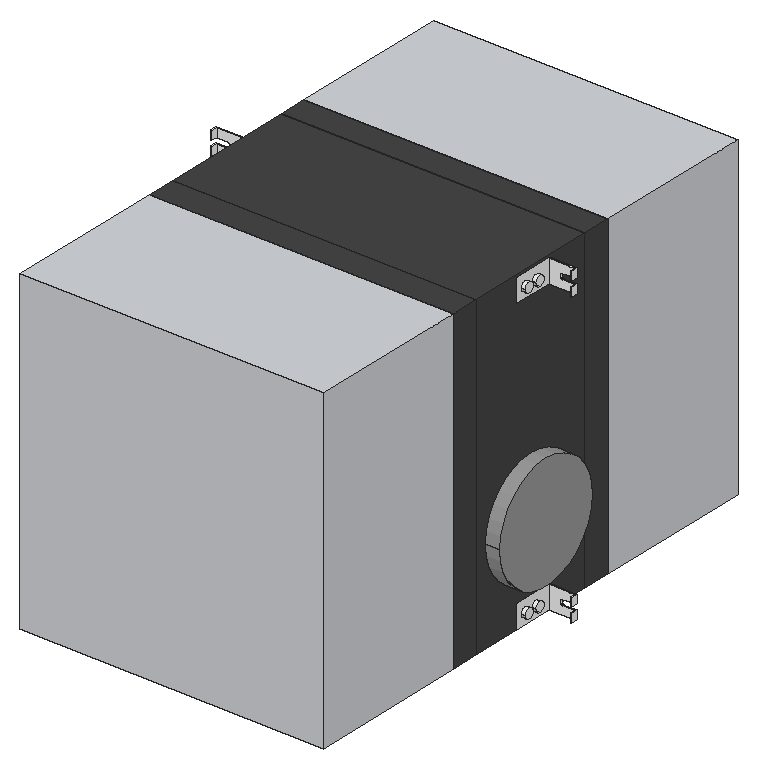
Revit family "Capsule Pool 600-1500 вытяжной", category Оборудование, Revit 2019
Family settings
  Размер круглого соединителя = Использовать диаметр
  Классификация = Нет
  Тип детали = Нормальный
  На основе рабочей плоскости = Нет
  Всегда вертикально = Да
  При загрузке вырезать с полостями = Нет
  Общий = Нет
  Точка расчета площади = Нет
Parameters (values of type "Capsule Pool 600")
  Толщина_кр = 50 mm  # constant formula
  СЗ = 283.184 mm
  Правый [instance] = yes
  Подмес [instance] = 0.0 m³/h
  Левый [instance] = yes
  Крепеж_Х = 3 mm  # constant formula
  Крепеж_У = 23 mm  # constant formula
  Выброс [instance] = 0.0 m³/h
  ВВ_прит_X = 230 mm
  ВВ_выт_Y = 165 mm
  ВВ_высота = 27 mm  # constant formula
  D_приток = 160 mm
  D_вытяж = 200 mm
  C1 высота = 556 mm
  B1 глубина = 337 mm
  ADSK_Расход воздуха = 0.0 m³/h
  ADSK_Наименование = "Система климатизации бассейнов Capsule Pool вытяжной модуль"  # constant formula
  ADSK_Масса = 0
  ADSK_Марка = "Capsule Pool 600 v"
  ADSK_Количество [instance] = 0
  ADSK_Код изделия = ""
  ADSK_Завод-изготовитель = "ООО «Турков»"  # constant formula
  ADSK_Единица измерения = "шт."  # constant formula
  A1 длина = 530 mm
Types (3, lengths in mm): name | СЗ | ВВ_прит_X | ВВ_выт_Y | D_приток | D_вытяж | C1 высота | B1 глубина | ADSK_Марка | ADSK_Количество | A1 длина
  Capsule Pool 600 | 283.184 | 230 | 165 | 160 | 200 | 556 | 337 | "Capsule Pool 600 v" | 0 | 530
  Capsule Pool 1000 | 300 | 264 | 225 | 200 | 250 | 556 | 387 | "Capsule Pool 1000" | 0 | 528
  Capsule Pool 1500 | 300 | 264 | 250 | 250 | 315 | 656 | 437 | "Capsule Pool 1500" | 1 | 528
Reference planes
  plane 1 "По центру (Вперед/Назад)": y = 0
  plane 2: z = 0
  plane 3 "По центру (Влево/Вправо)": x = 0
  plane 4: y = 168.5
  plane 5: x = 265
  plane 6: y = -168.5
  plane 7: x = -265
  plane 8: z = 556
  plane 9: z = -27
  plane 10: x = -292
  plane 11: x = 292
  plane 12: y = 118.5
  plane 13: y = -118.5
  plane 14: y = 451.684
  plane 15: y = -451.684
Forms (mm)
  Extrusion 1, solid, material "Сталь, окрашенная, темно-серая, матовая", detail levels medium+fine
    sketch origin (0, 0, 0) x (1, 0, 0) y (0, 1, 0)
      loop
        line (-265, 118.5) -> (-265, -118.5) -> (265, -118.5) -> (265, 118.5) -> (-265, 118.5)
    from 0 to 556
  Extrusion 2, solid, material "Сталь, Оцинкованная", detail levels medium+fine
    sketch origin (0, 0, 0) x (1, 0, 0) y (0, 1, 0)
      loop
        circle (35, 0) r 80
    from 0 to -27
  Extrusion 3, solid, material "Сталь, Оцинкованная", detail levels medium+fine
    sketch origin (-265, 1141.925, 1200) x (0, 1, 0) y (0, 0, 1)
      loop
        circle (-1141.925, -1035) r 100
    from 0 to -27
  Extrusion 4, solid, material "Сталь, Оцинкованная", detail levels medium+fine
    sketch origin (265, 842.378, 1200) x (0, 1, 0) y (0, 0, 1)
      loop
        circle (-842.378, -1035) r 100
    from 0 to 27
  Extrusion 5, solid, material "Сталь, окрашенная, темно-серая, матовая", detail levels medium+fine
    sketch origin (0, 0, 0) x (1, 0, 0) y (0, 1, 0)
      loop
        line (-265, 168.5) -> (-265, 118.5) -> (265, 118.5) -> (265, 168.5) -> (-265, 168.5)
      loop
        line (-265, -118.5) -> (-265, -168.5) -> (265, -168.5) -> (265, -118.5) -> (-265, -118.5)
    from 0 to 556
  Extrusion 6, solid, visible <- "Левый", detail levels medium+fine
    sketch origin (-870.289, 168.5, 1200) x (-1, 0, 0) y (0, 0, 1)
      loop
        line (-1135.289, -644) -> (-1135.289, -1200) -> (-605.289, -1200) -> (-605.289, -644) -> (-1135.289, -644)
    from 0 to 283.184
  Extrusion 7, solid, visible <- "Правый", detail levels medium+fine
    sketch origin (-870.289, -168.5, 1200) x (-1, 0, 0) y (0, 0, 1)
      loop
        line (-605.289, -644) -> (-1135.289, -644) -> (-1135.289, -1200) -> (-605.289, -1200) -> (-605.289, -644)
    from 0 to -283.184
Lines and regions (mm)
  model lines, style "УГО", detail levels coarse
    curve 1: circle (86.966, 0, 292.177) r 84 normal (0, -1, 0)
    curve 2: line (2.966, 0, 292.177) -> (-84.99, 0, 292.177)
    curve 3: line (170.966, 0, 292.177) -> (191.426, 0, 292.177)
    curve 4: line (191.426, 0, 292.177) -> (227.426, 0, 354.531)
    curve 5: line (191.426, 0, 292.177) -> (227.426, 0, 229.824)
    curve 6: line (227.426, 0, 354.531) -> (227.426, 0, 229.824)
    curve 7: line (-213.034, 0, 292.177) -> (-177.034, 0, 354.531)
    curve 8: line (-213.034, 0, 292.177) -> (-177.034, 0, 229.824)
    curve 9: line (-177.034, 0, 354.531) -> (-177.034, 0, 229.824)
    curve 10: line (2.966, 0, 292.177) -> (128.966, 0, 364.924)
    curve 11: line (128.966, 0, 364.924) -> (128.966, 0, 219.431)
    curve 12: line (2.966, 0, 292.177) -> (128.966, 0, 219.431)
    curve 13: circle (-114.99, 0, 292.177) r 30 normal (0, -1, 0)
    curve 14: line (-73.625, 0, 333.543) -> (-158.477, 0, 248.69)
    curve 15: line (-144.99, 0, 292.177) -> (-177.034, 0, 292.177)
    curve 16: line (-41.012, 0, 82.614) -> (21.342, 0, 118.614)
    curve 17: line (-41.012, 0, 82.614) -> (-103.366, 0, 118.614)
    curve 18: line (21.342, 0, 118.614) -> (-103.366, 0, 118.614)
    curve 19: line (-41.012, 0, 118.614) -> (-41.012, 0, 292.177)
    curve 39: line (-292, 0, 556) -> (292, 0, 556)
    curve 40: line (-292, 0, -27) -> (-292, 0, 556)
    curve 41: line (292, 0, -27) -> (-292, 0, -27)
    curve 42: line (292, 0, 556) -> (292, 0, -27)
  model lines, style "УГО", not visible, detail levels coarse
    curve 20: circle (123.801, 0, 292.177) r 84 normal (0, -1, 0)
    curve 21: line (39.801, 0, 292.177) -> (-48.155, 0, 292.177)
    curve 22: line (207.801, 0, 292.177) -> (228.261, 0, 292.177)
    curve 23: line (228.261, 0, 292.177) -> (264.261, 0, 354.531)
    curve 24: line (228.261, 0, 292.177) -> (264.261, 0, 229.824)
    curve 25: line (264.261, 0, 354.531) -> (264.261, 0, 229.824)
    curve 26: line (-176.199, 0, 292.177) -> (-140.199, 0, 354.531)
    curve 27: line (-176.199, 0, 292.177) -> (-140.199, 0, 229.824)
    curve 28: line (-140.199, 0, 354.531) -> (-140.199, 0, 229.824)
    curve 29: line (39.801, 0, 292.177) -> (165.801, 0, 364.924)
    curve 30: line (165.801, 0, 364.924) -> (165.801, 0, 219.431)
    curve 31: line (39.801, 0, 292.177) -> (165.801, 0, 219.431)
    curve 32: circle (-78.155, 0, 292.177) r 30 normal (0, -1, 0)
    curve 33: line (-36.789, 0, 333.543) -> (-121.642, 0, 248.69)
    curve 34: line (-108.155, 0, 292.177) -> (-140.199, 0, 292.177)
    curve 35: line (-4.177, 0, 82.614) -> (58.177, 0, 118.614)
    curve 36: line (-4.177, 0, 82.614) -> (-66.531, 0, 118.614)
    curve 37: line (58.177, 0, 118.614) -> (-66.531, 0, 118.614)
    curve 38: line (-4.177, 0, 118.614) -> (-4.177, 0, 292.177)
Dimensions and locks
  equal spacing: plane 7, plane 3 "По центру (Влево/Вправо)", plane 5
  "A1 длина": plane 7 to plane 5
  equal spacing: plane 4, plane 1 "По центру (Вперед/Назад)", plane 6
  "B1 глубина": plane 4 to plane 6
  "C1 высота": plane 8 to plane 2
  "ВВ_прит_X": Extrusion 2 sketch curve to plane 5
  "ВВ_высота": plane 2 to plane 9
  "ВВ_выт_Y": Extrusion 3 sketch curve to plane 2
  "ВВ_высота": plane 7 to plane 10
  "ВВ_выт_Y": Extrusion 4 sketch curve to plane 2
  "ВВ_высота": plane 11 to plane 5
  "Толщина_кр": plane 4 to plane 12
  "Толщина_кр": plane 13 to plane 6
  nested 1 to plane 1 "По центру (Вперед/Назад)" = 3 mm
  "Крепеж_Х": plane 1 "По центру (Вперед/Назад)" to nested 2
  "Крепеж_У": nested 2 to plane 2
  plane 8 to nested 1 = 23 mm
  "Крепеж_Х": plane 1 "По центру (Вперед/Назад)" to nested 4
  "Крепеж_У": nested 4 to plane 2
  "Крепеж_Х": plane 1 "По центру (Вперед/Назад)" to nested 3
  "Крепеж_У": plane 8 to nested 3
  "СЗ": plane 14 to plane 4
  "СЗ": plane 6 to plane 15
  "Крепеж_У": plane 8 to nested 1
  "Крепеж_Х": nested 1 to plane 1 "По центру (Вперед/Назад)"
  "D_приток": diameter of Extrusion 2 sketch curve
  "D_вытяж": diameter of Extrusion 3 sketch curve
  "D_вытяж": diameter of Extrusion 4 sketch curve
  aligned and locked: level to plane 2
  aligned and locked: plane 7 to Extrusion 1 sketch curve
  aligned and locked: Extrusion 1 sketch curve to plane 5
  aligned and locked: plane 8 to Extrusion 1
  aligned and locked: plane 1 "По центру (Вперед/Назад)" to Extrusion 2 sketch curve
  aligned and locked: Extrusion 2 to plane 9
  aligned and locked: plane 1 "По центру (Вперед/Назад)" to Extrusion 3 sketch curve
  aligned and locked: Extrusion 3 to plane 10
  aligned and locked: plane 1 "По центру (Вперед/Назад)" to Extrusion 4 sketch curve
  aligned and locked: plane 11 to Extrusion 4
  aligned and locked: Extrusion 1 sketch curve to plane 12
  aligned and locked: plane 13 to Extrusion 1 sketch curve
  aligned and locked: plane 7 to Extrusion 5 sketch curve  (x2)
  aligned and locked: plane 12 to Extrusion 5 sketch curve
  aligned and locked: Extrusion 5 sketch curve to plane 4
  aligned and locked: Extrusion 5 sketch curve to plane 5  (x2)
  aligned and locked: Extrusion 5 sketch curve to plane 13
  aligned and locked: plane 6 to Extrusion 5 sketch curve
  aligned and locked: plane 8 to Extrusion 5
  aligned and locked: nested 1 to plane 7
  aligned and locked: nested 3 to Extrusion 1
  aligned and locked: plane 7 to nested 2
  aligned and locked: nested 4 to plane 5
  aligned and locked: nested 3 to plane 5
  aligned and locked: Extrusion 6 sketch curve to plane 5
  aligned and locked: Extrusion 6 sketch curve to plane 8
  aligned and locked: plane 7 to Extrusion 6 sketch curve
  aligned and locked: plane 2 to Extrusion 6 sketch curve
  aligned and locked: plane 8 to Extrusion 6
  aligned and locked: plane 14 to Extrusion 6
  aligned and locked: Extrusion 7 sketch curve to plane 8
  aligned and locked: plane 7 to Extrusion 7 sketch curve
  aligned and locked: plane 2 to Extrusion 7 sketch curve
  aligned and locked: Extrusion 7 sketch curve to plane 5
  aligned and locked: Extrusion 7 to plane 15
  aligned and locked: curve 39 to plane 8
  aligned and locked: curve 42 to plane 11
  aligned and locked: curve 40 to plane 10
  aligned and locked: plane 9 to curve 41
Automatic sketch dimensions
  curve 7 to curve 9 = 36 mm
  curve 15 to curve 13 = 62.044 mm
  curve 8 to curve 17 = 73.668 mm
  curve 18 to curve 16 = 62.354 mm
  curve 17 to curve 16 = 62.354 mm
  curve 16 to curve 1 = 65.624 mm
  curve 1 to curve 3 = 104.46 mm
  curve 3 to curve 4 = 36 mm
  curve 17 to curve 16 = 36 mm
  curve 16 to curve 6 = 111.21 mm
  curve 17 to curve 8 = 111.21 mm
  curve 8 to curve 7 = 62.354 mm
  curve 5 to curve 5 = 62.354 mm
  curve 1 to curve 3 = 0 mm
  curve 8 to curve 13 = 62.354 mm
  curve 7 to curve 7 = 62.354 mm
  curve 3 to curve 4 = 62.354 mm
  curve 8 to curve 14 = 18.557 mm
  curve 15 to curve 13 = 30 mm
  curve 2 to curve 14 = 11.366 mm
  curve 1 to curve 11 = 42 mm
  curve 10 to curve 11 = 0 mm
  curve 12 to curve 11 = 0 mm
  curve 8 to curve 14 = 18.867 mm
  curve 10 to curve 1 = 0 mm
  curve 2 to curve 13 = 0 mm
  curve 12 to curve 10 = 0 mm
  curve 15 to curve 7 = 0 mm
  curve 2 to curve 14 = 41.366 mm
  curve 19 to curve 16 = 0 mm
  curve 19 to curve 12 = 43.978 mm
  curve 26 to curve 28 = 36 mm
  curve 34 to curve 32 = 62.044 mm
  curve 27 to curve 36 = 73.668 mm
  curve 37 to curve 35 = 62.354 mm
  curve 36 to curve 35 = 62.354 mm
  curve 35 to curve 20 = 65.624 mm
  curve 20 to curve 22 = 104.46 mm
  curve 22 to curve 23 = 36 mm
  curve 36 to curve 35 = 36 mm
  curve 35 to curve 25 = 111.21 mm
  curve 36 to curve 27 = 111.21 mm
  curve 27 to curve 26 = 62.354 mm
  curve 24 to curve 24 = 62.354 mm
  curve 20 to curve 22 = 0 mm
  curve 27 to curve 32 = 62.354 mm
  curve 26 to curve 26 = 62.354 mm
  curve 22 to curve 23 = 62.354 mm
  curve 27 to curve 33 = 18.557 mm
  curve 34 to curve 32 = 30 mm
  curve 21 to curve 33 = 11.366 mm
  curve 20 to curve 30 = 42 mm
  curve 29 to curve 30 = 0 mm
  curve 31 to curve 30 = 0 mm
  curve 27 to curve 33 = 18.867 mm
  curve 29 to curve 20 = 0 mm
  curve 21 to curve 32 = 0 mm
  curve 31 to curve 29 = 0 mm
  curve 34 to curve 26 = 0 mm
  curve 21 to curve 33 = 41.366 mm
  curve 38 to curve 35 = 0 mm
  curve 38 to curve 31 = 43.978 mm
Nested families
  nested 1: "Крепежный уголок" at (-265, 3, 533) x (0, 0, 1) z (-1, 0, 0), type "Крепежный уголок", detail levels coarse+fine
    with СЗ Справа yes
  nested 2: "Крепежный уголок" at (-265, -3, 23) x (0, 0, 1) z (-1, 0, 0), type "Крепежный уголок", detail levels coarse+fine
    with СЗ Справа yes
  nested 3: "Крепежный уголок" at (265, 3, 533) x (0, 0, -1) z (1, 0, 0), type "Крепежный уголок", detail levels coarse+fine
    with СЗ Справа yes
  nested 4: "Крепежный уголок" at (265, 3, 23) x (0, 0, -1) z (1, 0, 0), type "Крепежный уголок", detail levels coarse+fine
    with СЗ Справа yes
Connectors
  hvac at (-292, 0, 165), driven by "D_вытяж", driven by "Выброс"
    settings: on Extrusion 3, index 1, duct flow 0.0 m³/h, flow factor 0, pres drop 0.0 Pa, loss coef 0, conn angle 0.00°, conn width 304.8 mm, conn height 304.8 mm, conn diameter 200 mm, duct sys type 29, conn prof type 0, flow config 0, flow direction 2, loss method 0, conn ref index -1, conn util no, is conn primary no, conn desc ""
  hvac at (35, 0, -27), driven by "D_приток", driven by "Подмес"
    settings: on Extrusion 2, index 2, duct flow 0.0 m³/h, flow factor 0, pres drop 0.0 Pa, loss coef 0, conn angle 0.00°, conn width 304.8 mm, conn height 304.8 mm, conn diameter 160 mm, duct sys type 29, conn prof type 0, flow config 0, flow direction 2, loss method 0, conn ref index -1, conn util no, is conn primary no, conn desc ""
  hvac at (292, 0, 165), driven by "D_вытяж"
    settings: on Extrusion 4, index 3, duct flow 0.0 m³/h, flow factor 0, pres drop 0.0 Pa, loss coef 0, conn angle 0.00°, conn width 304.8 mm, conn height 304.8 mm, conn diameter 200 mm, duct sys type 29, conn prof type 0, flow config 0, flow direction 1, loss method 0, conn ref index -1, conn util no, is conn primary yes, conn desc ""
Definition of nested family "Крепежный уголок"
  Parameters (values of type "Крепежный уголок")
    СЗ Справа [instance] = yes
    Default Elevation = 1219.2 mm
  Reference planes
    plane 1 "По центру (Вперед/Назад)": y = 0
    plane 2: z = 0
    plane 3 "По центру (Влево/Вправо)": x = 0
  Forms (mm)
    Sweep 1, solid, visible <- "СЗ Справа", detail levels medium+fine
      path origin (22, -1546.962, 413.552) x (0, 0, 1) y (0, -1, 0)
        loop
          line (-413.552, -1510.962) -> (-413.552, -1582.962) -> (-363.552, -1582.962) -> (-363.552, -1570.962)
      profile origin (22, 0, 0) x (0, 0, 1) y (1, 0, 0)
        loop
          line (0, -42) -> (2, -42) -> (2, -2) -> (0, -2) -> (0, -42)
    Extrusion 2, solid, visible <- "СЗ Справа", detail levels medium+fine
      sketch origin (848.212, 1677.217, 10) x (1, 0, 0) y (0, -1, 0)
        loop
          circle (-848.212, 1695.637) r 8.018
        loop
          circle (-848.212, 1672.218) r 8.147
      from 0 to 10
    Extrusion 3, void
      sketch origin (20, 34, 2) x (0, 0, -1) y (-1, 0, 0)
        loop
          line (-48, 25) -> (-48, 15) -> (-26, 15)
          arc (-26, 15) -> (-21, 20) -> (-26, 25) r 5
          line (-26, 25) -> (-48, 25)
      from 2 to -10
  Cuts and joins
    Extrusion 3 cuts Sweep 1
    Extrusion 3 cuts Extrusion 2
    joined: Sweep 1, Extrusion 2
  Dimensions and locks
    locked: Sweep 1 sketch curve to Sweep 1 sketch curve at 72
    locked: Sweep 1 sketch curve to Sweep 1 sketch curve at 50
    locked: Sweep 1 sketch curve to Sweep 1 sketch curve at 12
    locked: Sweep 1 sketch curve to Sweep 1 sketch curve at 40
    locked: Sweep 1 sketch curve to Sweep 1 sketch curve at 2
    locked: profile plane to Sweep 1 sketch curve at 2
    locked: Extrusion 2 sketch curve to Extrusion 2 sketch curve at 23.418
    equal spacing: Sweep 1 sketch curve, plane 1 "По центру (Вперед/Назад)", Sweep 1 sketch curve
    equal spacing: Sweep 1 sketch curve, plane 3 "По центру (Влево/Вправо)", Sweep 1 sketch curve
    Extrusion 2 sketch curve to plane 1 "По центру (Вперед/Назад)" = 18.419 mm
    diameter of Extrusion 2 sketch curve = 16.036 mm
    diameter of Extrusion 2 sketch curve = 16.295 mm
    aligned and locked: level to plane 2
    aligned and locked: plane 3 "По центру (Влево/Вправо)" to Extrusion 2 sketch curve
    aligned and locked: Extrusion 2 to plane 2
